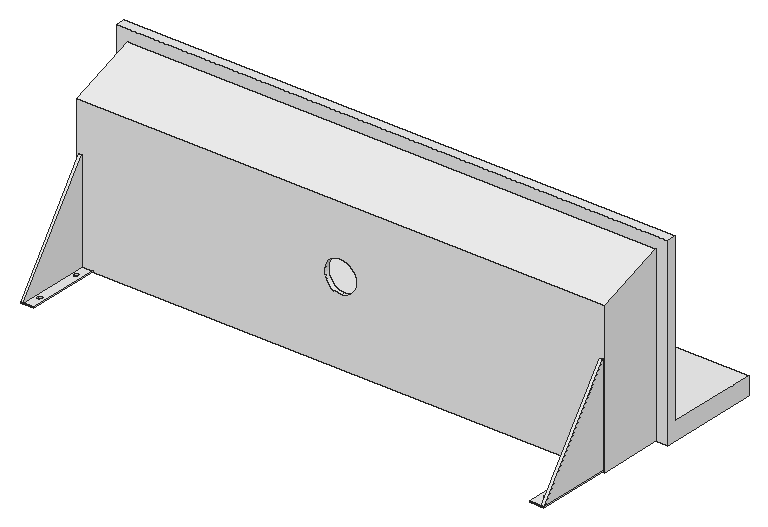
Revit family "Hand_Wash_Trough-3_Station-Acorn-SWS060_Series", category Plumbing Fixtures, host Face, Revit 2019
Family settings
  Host = Face
  Round Connector Dimension = Use Diameter
  Part Type = Normal
  OmniClass Number = 23.45.05.14.14
  OmniClass Title = Sinks/Lavatories
  Cut with Voids When Loaded = No
  Shared = Yes
  Room Calculation Point = No
Parameters (values of type "SWS060-H28")
  cUPC Compliant = yes
  Width = 60"  # constant formula
  Waste Connection = no
  WFU = 0
  Vent Connection = no
  URL = "https://acorneng.com/home"
  Type Comments = "Wall hung Hand Wash Trough"  # constant formula
  Single Center Distance = 1"
  Shipping Weight = "90 lbs (41 kg)"  # constant formula
  Product Page URL = ""
  Product Documentation Link = ""
  Number of User Stations = 3  # constant formula
  Model = "SWS060-H28"
  Material = "Stainless Steel-Acorn-Polished Satin"  # constant formula
  Manufacturer = "Acorn Engineering"  # constant formula
  Installation Type = "Wall Mounted"  # constant formula
  Height = 18"  # constant formula
  HWFU = 0
  HW Connection = no
  H28-2 Holes on 8" Centers = yes
  H1-Single Hole Centered = no
  H0-No Faucet Punching = no
  Finish = Stainless Steel-Acorn-Polished Satin
  Faucet Hole Diameter = 1 1/2"  # constant formula
  Drain Opening Size = 3 1/2"  # constant formula
  Description = "60\" wide 3 user hand wash trough"
  Depth = 20"  # constant formula
  Default Elevation = 34"
  Creation Date = "04/08/2024"  # constant formula
  CWFU = 0
  CW Connection = no
  Bowl Width = 57"  # constant formula
  Bowl Height = 8"  # constant formula
  Bowl Depth = 16 1/2"  # constant formula
  Backsplash Height = 10"  # constant formula
  Assembly Code = "D2010440"
  8" Centers Distance = 3"
Types (4): name | Single Center Distance | Model | H28-2 Holes on 8" Centers | H1-Single Hole Centered | H0-No Faucet Punching | 8" Centers Distance
  (no name) | 1" | "SWS060-H28" | yes | no | no | 3"
  SWS060-H0 | 1" | "SWS060-H0" | no | no | yes | 1"
  SWS060-H1 | 3" | "SWS060-H1" | no | yes | no | 1"
  SWS060-H28 | 1" | "SWS060-H28" | yes | no | no | 3"
Reference planes (in)
  plane 1 "Center (Front/Back)": y = 0
  plane 2: z = 0
  plane 3 "Center (Left/Right)": x = 0
  plane 4: x = 30
  plane 5: x = -30
  plane 6: x = 28.5
  plane 7: x = -28.5
  plane 8: z = 20
  plane 9: z = 2
  plane 10: z = 18.5
  plane 11: z = 9
  plane 12: y = -8
  plane 13: y = -16
  plane 14: y = 10
  plane 15: x = -4
  plane 16: x = 4
  plane 17: x = -20
  plane 18: x = 20
  plane 19: y = 6
  plane 20: z = 16.25
  plane 21: x = -28.75
  plane 22: x = 28.75
  plane 23: x = -24
  plane 24: x = -16
  plane 25: x = 24
  plane 26: x = 16
  plane 27: z = 1
  plane 28: z = 3
  plane 29: z = 4
Forms (in)
  Extrusion 1, solid, material "Stainless Steel-Acorn-Polished Satin" <- "Finish"
    sketch origin (0, 37.58329, 0) x (0, 1, 0) y (0, 0, 1)
      loop
        line (-27.58329, 0) -> (-27.58329, 2) -> (-37.58329, 2) -> (-37.58329, 20) -> (-38.58329, 20) -> (-38.58329, 0) -> (-27.58329, 0)
    from -30 to 30
  Extrusion 2, solid, material "Stainless Steel-Acorn-Polished Satin" <- "Finish"
    sketch origin (30, 37.58329, 0) x (0, 1, 0) y (0, 0, 1)
      loop
        line (-45.58329, 16.24169) -> (-45.58329, 0) -> (-38.58329, 0) -> (-38.58329, 18.70753) -> (-45.58329, 16.24169)
    from -58.75 to -1.25
  Extrusion 3, solid, material "Stainless Steel-Acorn-Polished Satin" <- "Finish"
    sketch origin (0, 0, 0) x (1, 0, 0) y (0, 1, 0)
      loop
        line (-28.5, -8) -> (-28.5, -16) -> (-27, -16) -> (-27, -8) -> (-28.5, -8)
      loop
        line (28.5, -8) -> (27, -8) -> (27, -16) -> (28.5, -16) -> (28.5, -8)
      loop
        circle (-27.59249, -9.5) r 0.25
      loop
        circle (-27.59249, -14.5) r 0.25
      loop
        circle (27.59249, -9.5) r 0.25
      loop
        circle (27.59249, -14.5) r 0.25
    from 0 to 0.08918
  Extrusion 4, void
    sketch origin (45, 0, 0) x (0, 0, 1) y (1, 0, 0)
      loop
        circle (9, -45) r 1.5
    from -8 to 0
  Extrusion 5, void
    sketch origin (28.75, 37.58329, 0) x (0, -1, 0) y (0, 0, 1)
      loop
        line (37.58329, 2) -> (45.08329, 2) -> (45.08329, 15.85803) -> (37.58329, 18.5) -> (37.58329, 2)
    from 0.25 to 57.25
  Extrusion 6, void
    sketch origin (0, 0, 0) x (1, 0, 0) y (0, 1, 0)
      loop
        circle (-20, 6) r 0.75
      loop
        circle (20, 6) r 0.75
      loop
        circle (0, 6) r 0.75
    from 4 to 3
  Extrusion 7, void
    sketch origin (-4, 0, 0) x (1, 0, 0) y (0, 1, 0)
      loop
        circle (-20, 6) r 0.75
      loop
        circle (20, 6) r 0.75
      loop
        circle (-12, 6) r 0.75
      loop
        circle (28, 6) r 0.75
      loop
        circle (0, 6) r 0.75
      loop
        circle (8, 6) r 0.75
    from 1 to 4
  Extrusion 8, void
    sketch origin (45, 0, 0) x (0, 0, 1) y (1, 0, 0)
      loop
        circle (9, -45) r 1.75
    from -8 to 0
  Extrusion 9, solid, material "Stainless Steel-Acorn-Polished Satin" <- "Finish"
    sketch origin (-28.5, 37.58329, 0) x (0, 1, 0) y (0, 0, -1)
      loop
        line (-45.58329, -11.01106) -> (-45.58329, 0) -> (-53.58329, 0) -> (-45.58329, -11.01106)
    from 0 to -0.31503
  Extrusion 10, solid, material "Stainless Steel-Acorn-Polished Satin" <- "Finish"
    sketch origin (28.5, 37.58329, 0) x (0, 1, 0) y (0, 0, 1)
      loop
        line (-45.58329, 11.01106) -> (-53.58329, 0) -> (-45.58329, 0) -> (-45.58329, 11.01106)
    from 0 to -0.31503
Cuts and joins
  Extrusion 4, Extrusion 5, Extrusion 6, Extrusion 7 cuts Extrusion 1
  Extrusion 5, Extrusion 8 cuts Extrusion 2
  joined: Extrusion 1, Extrusion 2
Dimensions and locks (in)
  "Depth": level to plane 8
  level to plane 9 = 2"
  "Bowl Depth": plane 9 to plane 10
  plane 6 to plane 4 = 1 1/2"
  plane 7 to plane 5 = 1 1/2"
  level to plane 11 = 9"
  plane 1 "Center (Front/Back)" to plane 14 = 10"  (x2)
  plane 12 to plane 1 "Center (Front/Back)" = 8"  (x2)
  plane 12 to plane 13 = 8"
  plane 15 to plane 16 = 8"
  plane 1 "Center (Front/Back)" to plane 19 = 6"
  plane 9 to level = 2"
  plane 20 to plane 9 = 14 1/4"
  plane 13 to plane 12 = 8"
  plane 8 to host face = 20"
  plane 10 to plane 9 = 16 1/2"  (x2)
  plane 8 to plane 10 = 1 1/2"
  locked: plane 12 to Extrusion 5 sketch curve at 0.5
  plane 21 to plane 7 = 1/4"
  locked: plane 22 to plane 6 at 0.25
  equal spacing: plane 15, plane 3 "Center (Left/Right)", plane 16
  equal spacing: plane 23, plane 17, plane 24, locked at 4 each
  equal spacing: plane 26, plane 18, plane 25, locked at 4 each
  plane 23 to plane 17 = 4"
  locked: plane 17 to plane 24 at 4
  locked: plane 26 to plane 18 at 4
  plane 18 to plane 25 = 4"
  "8" Centers Distance": plane 27 to plane 29
  "Single Center Distance": plane 28 to plane 29
  equal spacing: plane 5, plane 3 "Center (Left/Right)", plane 4
  equal spacing: plane 7, plane 3 "Center (Left/Right)", plane 6
  plane 5 to plane 4 = 60"  (x2)
  locked: Extrusion 3 sketch curve to plane 6 at 1.5
  locked: Extrusion 9 to Extrusion 3 sketch curve at 1.5
  plane 6 to plane 7 = 57"
  host face to plane 8 = 20"
  plane 9 to plane 10 = 16 1/2"
  plane 16 to plane 26 = 12"
  plane 25 to plane 4 = 6"
  plane 24 to plane 15 = 12"
  radius of Extrusion 6 sketch curve = 3/4"
  aligned and locked: plane 2 to host face
  aligned and locked: level to host face
  aligned and locked: plane 8 to Extrusion 1 sketch curve
  aligned and locked: Extrusion 1 to plane 4
  aligned and locked: Extrusion 1 to plane 5
  aligned and locked: plane 3 "Center (Left/Right)" to Extrusion 4 sketch curve
  aligned and locked: plane 11 to Extrusion 4 sketch curve
  aligned and locked: Extrusion 4 to plane 1 "Center (Front/Back)"
  aligned and locked: plane 9 to Extrusion 5 sketch curve
  aligned and locked: Extrusion 5 sketch curve to plane 1 "Center (Front/Back)"
  aligned and locked: Extrusion 5 to plane 7
  aligned and locked: Extrusion 5 to plane 6
  aligned and locked: plane 17 to Extrusion 6 sketch curve
  aligned and locked: plane 19 to Extrusion 6 sketch curve  (x3)
  aligned and locked: plane 18 to Extrusion 6 sketch curve
  aligned and locked: plane 23 to Extrusion 7 sketch curve
  aligned and locked: plane 19 to Extrusion 7 sketch curve  (x6)
  aligned and locked: plane 24 to Extrusion 7 sketch curve
  aligned and locked: plane 26 to Extrusion 7 sketch curve
  aligned and locked: plane 25 to Extrusion 7 sketch curve
  aligned and locked: plane 3 "Center (Left/Right)" to Extrusion 8 sketch curve
  aligned and locked: plane 11 to Extrusion 8 sketch curve
  aligned and locked: Extrusion 8 to plane 12
  aligned and locked: Extrusion 8 to plane 1 "Center (Front/Back)"
  aligned and locked: Extrusion 7 to plane 27
  aligned and locked: plane 29 to Extrusion 7
  aligned and locked: Extrusion 3 to Extrusion 4
  aligned and locked: Extrusion 7 to Extrusion 6
  aligned and locked: Extrusion 6 to plane 28
  aligned and locked: Extrusion 2 to plane 21
  aligned and locked: plane 7 to Extrusion 3 sketch curve
  aligned and locked: plane 3 "Center (Left/Right)" to Extrusion 6 sketch curve
  aligned and locked: plane 15 to Extrusion 7 sketch curve
  aligned and locked: plane 16 to Extrusion 7 sketch curve
Automatic sketch dimensions
  host sketch curve to host sketch curve = 96"  (x2)
  Extrusion 1 sketch curve to level = 0"
  Extrusion 1 sketch curve to plane 1 "Center (Front/Back)" = 0"
  Extrusion 1 sketch curve to plane 9 = 0"
  Extrusion 1 sketch curve to plane 14 = 0"
  plane 1 "Center (Front/Back)" to Extrusion 1 sketch curve = 1"
  Extrusion 2 sketch curve to Extrusion 1 = 0"  (x2)
  Extrusion 1 to Extrusion 2 sketch curve = 7"
  Extrusion 2 sketch curve to Extrusion 1 = 3.75831"
  Extrusion 2 sketch curve to Extrusion 1 = 1.29247"
  Extrusion 3 sketch curve to plane 6 = 0"
  Extrusion 3 sketch curve to plane 13 = 0"  (x2)
  Extrusion 3 sketch curve to plane 12 = 0"  (x2)
  plane 7 to Extrusion 3 sketch curve = 0.90751"  (x2)
  plane 6 to Extrusion 3 sketch curve = 0.90751"  (x2)
  plane 13 to Extrusion 3 sketch curve = 1 1/2"  (x2)
  Extrusion 3 sketch curve to plane 12 = 1 1/2"  (x2)
  Extrusion 5 sketch curve to Extrusion 5 sketch curve = 13.85803"
  Extrusion 5 sketch curve to Extrusion 5 sketch curve = 2.64197"
  Extrusion 9 sketch curve to level = 0"
  Extrusion 9 sketch curve to plane 13 = 0"
  Extrusion 9 sketch curve to plane 12 = 0"
  plane 11 to Extrusion 9 sketch curve = 2.01106"
  Extrusion 10 sketch curve to level = 0"
  Extrusion 10 sketch curve to plane 13 = 0"
  Extrusion 10 sketch curve to plane 12 = 0"
  plane 11 to Extrusion 10 sketch curve = 2.01106"
  radius of Extrusion 4 sketch curve = 1 1/2"
  radius of Extrusion 8 sketch curve = 1 3/4"
  radius of Extrusion 3 sketch curve = 1/4"  (x4)
  radius of Extrusion 6 sketch curve = 3/4"  (x2)
  radius of Extrusion 7 sketch curve = 3/4"  (x6)
